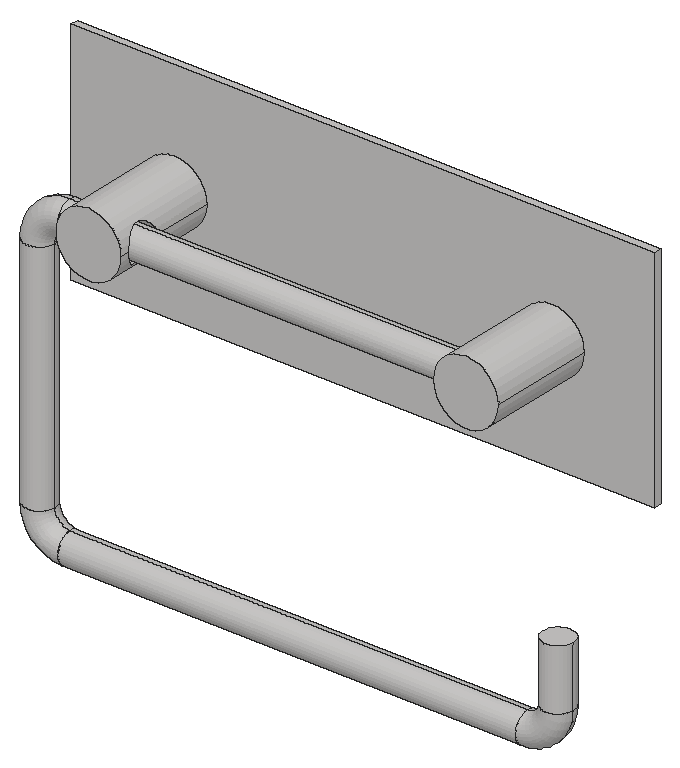
Revit family "T12", category Generic Models, Revit 2021
Family settings
  Can host rebar = No
  Round Connector Dimension = Use Diameter
  Part Type = Normal
  Work Plane-Based = No
  Always vertical = Yes
  Cut with Voids When Loaded = No
  Shared = No
  Room Calculation Point = No
Parameters (values of type "Standard")
  e-mail = "info@vola.com"
  URL = "http://vola.com"
  Telephone = "+45 7023 5500"
  Quality management standard = "ISO 9001"
  Organisation no. / DUNS no. = "17531328"
  Occupational health and safety management standard = "ISO 18001"
  Mounting Instructions = "http://vola.com/service/producturl.ashx?name=T12"
  Model = "T12"
  Materials and components information = "http://vola.com/service/producturl.ashx?name=T12"
  Manufacturer = "VOLA A/S"
  Maintenance Instructions = "http://vola.com/service/producturl.ashx?name=T12"
  Guarantee = "2 years"
  Environmental management standard = "ISO 14000"
  Default Elevation = 0.0000 mm
  Connection - All relevant connections = ""
  Approvals = "http://vola.com/service/producturl.ashx?name=T12"
Reference planes
  plane 1 "Center (Front/Back)": y = 0
  plane 2: z = 0
  plane 3 "Center (Left/Right)": x = 0
  plane 4 "Sweep": y = -23
Forms (mm)
  Extrusion 1, solid, material "Stainless Steel"
    sketch origin (0, 0, 0) x (1, 0, 0) y (0, 0, 1)
      loop
        line (76.5, -30) -> (76.5, 30) -> (-76.5, 30) -> (-76.5, -30) -> (76.5, -30)
    from 0 to 2
  Extrusion 2, solid, material "Stainless Steel"
    sketch origin (0, -2, 0) x (1, 0, 0) y (0, 0, 1)
      loop
        circle (49.5, 0) r 8.5
      loop
        circle (-49.5, 0) r 8.5
    from 0 to 28
  Sweep 3, solid, material "Stainless Steel"
    path origin (0, -23, 0) x (0, 0, -1) y (-1, 0, 0)
      loop
        line (0, -50) -> (0, 60)
        arc (0, 60) -> (2.343, 65.657) -> (8, 68) r 8
        line (8, 68) -> (70, 68)
        arc (70, 68) -> (75.657, 65.657) -> (78, 60) r 8
        line (78, 60) -> (78, -60)
        arc (78, -60) -> (75.657, -65.657) -> (70, -68) r 8
        line (70, -68) -> (54, -68)
    profile origin (-5, -23, 0) x (0, 0, 1) y (0, 1, 0)
      loop
        circle (0, 0) r 4
  Extrusion 4, void
    sketch origin (0, 0, 0) x (0, 1, 0) y (0, 0, 1)
      loop
        circle (-23, 0) r 4.75
    from -67.509 to 51.886
Cuts and joins
  Extrusion 4 cuts Extrusion 2
Dimensions and locks
  aligned and locked: plane 2 to level
